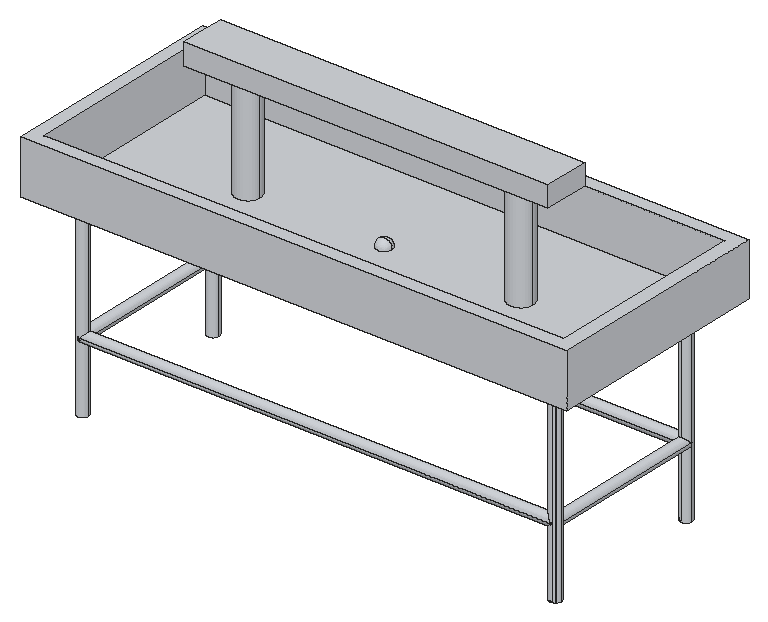
Revit family "CWIS-8", category Plumbing Fixtures, Revit 2015
Parameters
  URL = "https://www.willoughby-ind.com/wp-content/uploads/2018/01/CWIS-1.pdf"
  Revision = "A"
  Model = "CWIS-8"
  Manufacturer = "Willoughby Industries"
  Description = "72\" Island Sink, 8 Station"
  Contact Info = "(800) 428-4065"
Reference planes (in)
  plane 1 "Center (Front/Back)": y = 0
  plane 2: z = 0
  plane 3 "Center (Left/Right)": x = 0
Forms (in)
  Extrusion 1, solid
    sketch origin (0, -98.59344, 0) x (1, 0, 0) y (0, 1, 0)
      loop
        circle (0, 109.35344) r 0.75
      loop
        circle (0, 87.84344) r 0.75
      loop
        circle (62.337, 109.35344) r 0.75
      loop
        circle (62.337, 87.84344) r 0.75
    from 0 to 25.72656
  Extrusion 2, solid
    sketch origin (0, -98.59344, 0) x (1, 0, 0) y (0, 1, 0)
      loop
        circle (0, 109.35344) r 0.75
      loop
        circle (0, 87.85344) r 0.75
      loop
        circle (62.375, 109.35344) r 0.75
      loop
        circle (62.375, 87.85344) r 0.75
    from 0 to 25.72656
  Extrusion 3, solid
    sketch origin (0, 0, 0) x (1, 0, 0) y (0, 0, 1)
      loop
        line (0, 25.72656) -> (2.25, 25.72656) -> (2.25, 24.72656) -> (2.325, 24.72656) -> (2.325, 25.80156) -> (0, 25.80156) -> (-2.325, 25.80156) -> (-2.325, 24.72656) -> (-2.25, 24.72656) -> (-2.25, 25.72656) -> (0, 25.72656)
      loop
        line (62.337, 25.72656) -> (64.587, 25.72656) -> (64.587, 24.72656) -> (64.662, 24.72656) -> (64.662, 25.80156) -> (62.337, 25.80156) -> (60.012, 25.80156) -> (60.012, 24.72656) -> (60.087, 24.72656) -> (60.087, 25.72656) -> (62.337, 25.72656)
      loop
        line (13.125, 25.72656) -> (15.375, 25.72656) -> (15.375, 24.72656) -> (15.45, 24.72656) -> (15.45, 25.80156) -> (13.125, 25.80156) -> (10.8, 25.80156) -> (10.8, 24.72656) -> (10.875, 24.72656) -> (10.875, 25.72656) -> (13.125, 25.72656)
      loop
        line (49.212, 25.72656) -> (51.462, 25.72656) -> (51.462, 24.72656) -> (51.537, 24.72656) -> (51.537, 25.80156) -> (49.212, 25.80156) -> (46.887, 25.80156) -> (46.887, 24.72656) -> (46.962, 24.72656) -> (46.962, 25.72656) -> (49.212, 25.72656)
    from -13 to 13
  Extrusion 4, solid
    sketch origin (0, 0, 0) x (1, 0, 0) y (0, 0, 1)
      loop
        line (-4.8315, 25.80156) -> (67.1685, 25.80156) -> (67.1685, 32.87656) -> (-4.8315, 32.87656) -> (-4.8315, 25.80156)
    from -15 to 15
  Extrusion 5, void
    sketch origin (0, 0, 0) x (1, 0, 0) y (0, 1, 0)
      loop
        line (65.4185, -13.25) -> (65.4185, 13.25) -> (-3.0815, 13.25) -> (-3.0815, -13.25) -> (65.4185, -13.25)
    from 26 to 33
  Extrusion 6, solid
    sketch origin (0, 0, 0) x (1, 0, 0) y (0, 1, 0)
      loop
        circle (13.1685, 0) r 1.625
      loop
        circle (49.1685, 0) r 1.625
    from 26 to 40.25
  Extrusion 7, solid
    sketch origin (0, 0, 0) x (1, 0, 0) y (0, 1, 0)
      loop
        line (7.1685, 0) -> (7.1685, -3) -> (55.1685, -3) -> (55.1685, 3) -> (7.1685, 3) -> (7.1685, 0)
    from 43 to 40.25
  Revolve 8, solid
    sketch origin (0, 0, 0) x (1, 0, 0) y (0, 0, 1)
      loop
        arc (31.1685, 27) -> (30.46139, 26.70711) -> (30.1685, 26) r 1
        line (30.1685, 26) -> (31.1685, 26) -> (31.1685, 27)
      axis (31.1685, 26) -> (31.1685, 27)
    angle from 0 to 360
  Extrusion 9, solid
    sketch origin (0, 0, 0) x (1, 0, 0) y (0, 1, 0)
      loop
        circle (31.1685, 0) r 1
    from 25.875 to 21.875
  Extrusion 10, solid
    sketch origin (0, 0, 0) x (0, 1, 0) y (0, 0, 1)
      loop
        circle (10.76, 9.25) r 0.75
      loop
        circle (-10.75, 9.25) r 0.75
    from 0 to 62.375
  Extrusion 11, solid
    sketch origin (0, 0, 0) x (1, 0, 0) y (0, 0, 1)
      loop
        circle (0, 9.25) r 0.75
      loop
        circle (62.375, 9.25) r 0.75
    from -10.75 to 10.75
Cuts and joins
  Extrusion 5 cuts Extrusion 4
Dimensions and locks (in)
  aligned and locked: level to plane 2
  aligned and locked: Extrusion 3 sketch curve to Extrusion 3 sketch curve  (x4)
  aligned and locked: Revolve 8 sketch curve to Revolve 8 sketch curve  (x2)
